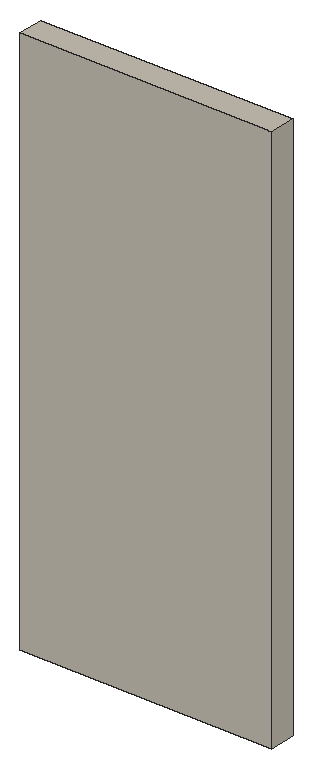
Revit family
Parameters
  Door Width = 0' - 7 1/4"
  Door Material = Wenger Maple (Use Oyster Edge Band Only)
  Door Height = 1' - 4 3/16"
Reference planes (in)
  plane 1 "Center (Front/Back)": y = 0
  plane 2: z = 0
  plane 3 "Center (Left/Right)": x = 0
  plane 4: x = -3.625
  plane 5: x = 3.625
  plane 6: y = 0.75
  plane 7: z = 16.1875
  plane 8: z = 16.0625
  plane 9: z = 0.125
Forms (in)
  Extrusion 1, solid, material "Wenger Maple (Use Oyster Edge Band Only)" <- "Door Material"
    sketch origin (0, 0, 0) x (1, 0, 0) y (0, 1, 0)
      loop
        line (-3.625, 0.75) -> (-3.625, 0) -> (3.625, 0) -> (3.625, 0.75) -> (-3.625, 0.75)
    from 0.125 to 16.0625
Dimensions and locks (in)
  locked: plane 1 "Center (Front/Back)" to plane 6 at 0.75
  equal spacing: plane 4, plane 3 "Center (Left/Right)", plane 5
  "Door Width": plane 4 to plane 5
  "Door Height": plane 7 to plane 2
  plane 9 to plane 2 = 0' - 0 1/8"
  plane 7 to plane 8 = 0' - 0 1/8"
  aligned and locked: Extrusion 1 sketch curve to plane 5
  aligned and locked: Extrusion 1 sketch curve to plane 1 "Center (Front/Back)"
  aligned and locked: Extrusion 1 sketch curve to plane 6
  aligned and locked: plane 4 to Extrusion 1 sketch curve
  aligned: plane 7 to Extrusion 1
  aligned and locked: Extrusion 1 to plane 9
  aligned and locked: plane 8 to Extrusion 1
